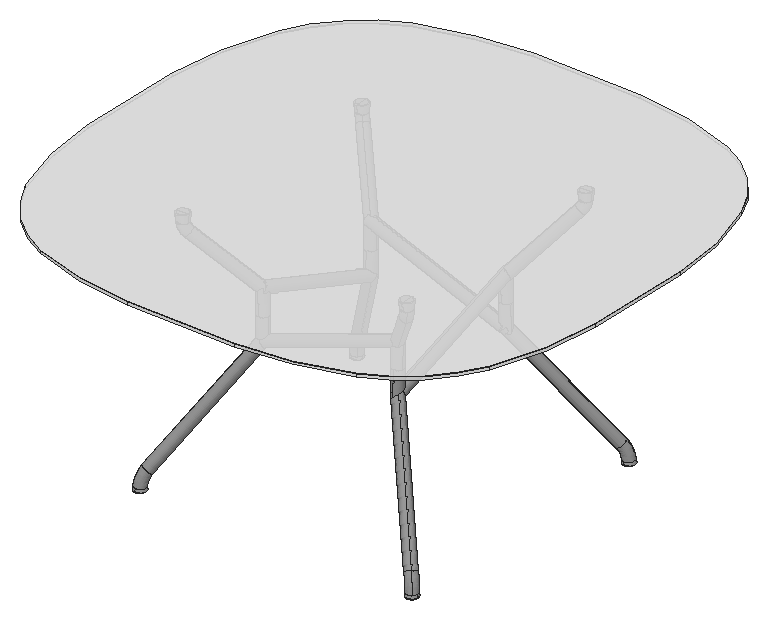
Revit family "Haworth_Cappellini_Branch_Table_Square_AP_PRELIMINARY", category Furniture, Revit 2019
Family settings
  OmniClass Number = 23.40.70.14.64.21
  OmniClass Title = Systems Furniture
  Work Plane-Based = No
  Always vertical = Yes
  Cut with Voids When Loaded = No
  Shared = No
  Room Calculation Point = No
Parameters (values of type "Square")
  Warranty = "http://www.haworth.com/resources/product-info/warranties"
  URL - Product = "https://www.haworth.com/ap/en/products/meeting-tables/branch.html"
  Top Finish [instance] = Haworth _ Glass _ Frosted
  Model = "BR_2XX"  # constant formula
  URL = "https://www.haworth.com/ap/en.html"
  Size = "Verify Final Dim. w/ Haworth"  # constant formula
  Revision Number = "1"  # constant formula
  Manufacturer = "Haworth"  # constant formula
  Description = "Haworth - Cappellini - Branch - Table - 1500w"  # constant formula
  Base Finish [instance] = Haworth _ Polymer _ Undecided
  Author = "Haworth (Hampton, Abd Rahman)"  # constant formula
  Assembly Code = "E2020200"
  Actual Width = 1500 mm  # constant formula
  Actual Height = 730 mm  # constant formula
  Table Thickness = 10 mm  # constant formula
  Actual Depth = 1500 mm  # constant formula
Reference planes
  plane 1 "Center F/B": y = -4.03
  plane 2 "Floor": z = 0
  plane 3 "Center L/R": x = 0
  plane 4 "Table Edge Left": x = -750
  plane 5 "Table Edge Right": x = 750
  plane 6 "Table Edge Front": y = -754.03
  plane 7 "Table Edge Back": y = 745.97
  plane 8 "Table Bottom": z = 730
  plane 9: z = 720
Forms (mm)
  Extrusion 1, solid, material "Haworth _ Glass _ Frosted" <- "Top Finish"
    sketch origin (0, 0, 0) x (1, 0, 0) y (0, 1, 0)
      loop
        arc (462.448, 676.631) -> (312.312, 722.099) -> (156.664, 741.64) r 928.36
        arc (156.664, 741.64) -> (0, 746.602) -> (-156.664, 741.64) r 2475.89
        arc (-156.664, 741.64) -> (-312.312, 722.099) -> (-462.448, 676.631) r 928.36
        arc (-462.448, 676.631) -> (-592.758, 588.366) -> (-680.73, 457.857) r 414.182
        arc (-680.73, 457.857) -> (-726.146, 307.963) -> (-745.738, 152.57) r 929.086
        arc (-745.738, 152.57) -> (-750.699, -4.208) -> (-745.723, -160.985) r 2475.902
        arc (-745.723, -160.985) -> (-726.209, -316.803) -> (-680.73, -467.107) r 929.032
        arc (-680.73, -467.107) -> (-592.536, -596.914) -> (-462.448, -684.691) r 415
        arc (-462.448, -684.691) -> (-312.312, -730.159) -> (-156.664, -749.7) r 928.36
        arc (-156.664, -749.7) -> (0, -754.661) -> (156.664, -749.7) r 2475.89
        arc (156.664, -749.7) -> (312.312, -730.159) -> (462.448, -684.691) r 928.36
        arc (462.448, -684.691) -> (592.536, -596.914) -> (680.73, -467.107) r 415
        arc (680.73, -467.107) -> (726.209, -316.803) -> (745.723, -160.985) r 929.032
        arc (745.723, -160.985) -> (750.699, -4.208) -> (745.738, 152.57) r 2475.902
        arc (745.738, 152.57) -> (726.146, 307.963) -> (680.73, 457.857) r 929.086
        arc (680.73, 457.857) -> (592.758, 588.366) -> (462.448, 676.631) r 414.182
    from 730 to 720
Lines and regions (mm)
  Masking region 1
    outline origin (0, 0, 0) x (1, 0, 0) y (0, 1, 0)
      loop
        arc (156.664, 741.64) -> (0, 746.602) -> (-156.664, 741.64) r 2475.89
        arc (-156.664, 741.64) -> (-312.312, 722.099) -> (-462.448, 676.631) r 928.36
        arc (-462.448, 676.631) -> (-592.667, 588.567) -> (-680.73, 458.347) r 414.517
        arc (-680.73, 458.347) -> (-726.291, 307.605) -> (-745.738, 151.333) r 929.008
        arc (-745.738, 151.333) -> (-750.621, -4.209) -> (-745.723, -159.75) r 2475.824
        arc (-745.723, -159.75) -> (-726.313, -316.196) -> (-680.73, -467.107) r 928.977
        arc (-680.73, -467.107) -> (-592.861, -596.822) -> (-463.148, -684.691) r 414.793
        arc (-463.148, -684.691) -> (-312.657, -730.165) -> (-156.664, -749.7) r 932.056
        arc (-156.664, -749.7) -> (0, -754.661) -> (156.664, -749.7) r 2475.89
        arc (156.664, -749.7) -> (312.312, -730.159) -> (462.448, -684.691) r 928.36
        arc (462.448, -684.691) -> (592.536, -596.914) -> (680.73, -467.107) r 415
        arc (680.73, -467.107) -> (726.209, -316.803) -> (745.723, -160.985) r 929.032
        arc (745.723, -160.985) -> (750.699, -4.208) -> (745.738, 152.57) r 2475.902
        arc (745.738, 152.57) -> (726.425, 309.646) -> (680.73, 461.165) r 928.941
        arc (680.73, 461.165) -> (592.47, 589.631) -> (463.148, 676.631) r 416.28
        arc (463.148, 676.631) -> (312.657, 722.106) -> (156.664, 741.64) r 932.056
Dimensions and locks
  "Actual Depth": plane 7 "Table Edge Back" to plane 6 "Table Edge Front"
  "Actual Width": plane 4 "Table Edge Left" to plane 5 "Table Edge Right"
  equal spacing: plane 4 "Table Edge Left", plane 3 "Center L/R", plane 5 "Table Edge Right"
  equal spacing: plane 7 "Table Edge Back", plane 1 "Center F/B", plane 6 "Table Edge Front"
  "Actual Height": plane 8 "Table Bottom" to level
  "Table Thickness": plane 8 "Table Bottom" to plane 9
  aligned and locked: plane 3 "Center L/R" to nested 1
  aligned and locked: plane 1 "Center F/B" to nested 1
  aligned and locked: plane 8 "Table Bottom" to Extrusion 1
  aligned and locked: Extrusion 1 to plane 9
Automatic sketch dimensions
  Extrusion 1 sketch curve to plane 3 "Center L/R" = 0 mm  (x2)
  Extrusion 1 sketch curve to plane 3 "Center L/R" = 119.259 mm  (x2)
  Extrusion 1 sketch curve to plane 7 "Table Edge Back" = 4.33 mm  (x2)
  Extrusion 1 sketch curve to plane 3 "Center L/R" = 156.664 mm  (x2)
  plane 6 "Table Edge Front" to Extrusion 1 sketch curve = 4.33 mm  (x2)
  Extrusion 1 sketch curve to Extrusion 1 sketch curve = 63.307 mm  (x4)
  Extrusion 1 sketch curve to Extrusion 1 sketch curve = 180.299 mm  (x4)
  Extrusion 1 sketch curve to plane 7 "Table Edge Back" = 69.339 mm  (x2)
  Extrusion 1 sketch curve to Extrusion 1 sketch curve = 305.784 mm  (x4)
  plane 6 "Table Edge Front" to Extrusion 1 sketch curve = 69.339 mm  (x2)
  plane 4 "Table Edge Left" to Extrusion 1 sketch curve = 69.27 mm  (x2)
  plane 4 "Table Edge Left" to Extrusion 1 sketch curve = 4.277 mm
  plane 4 "Table Edge Left" to Extrusion 1 sketch curve = 4.262 mm
  plane 1 "Center F/B" to Extrusion 1 sketch curve = 0.064 mm  (x2)
  Extrusion 1 sketch curve to plane 4 "Table Edge Left" = 975.203 mm
  plane 3 "Center L/R" to Extrusion 1 sketch curve = 119.259 mm  (x2)
  Extrusion 1 sketch curve to plane 5 "Table Edge Right" = 69.27 mm  (x2)
  Extrusion 1 sketch curve to plane 5 "Table Edge Right" = 4.277 mm
  Extrusion 1 sketch curve to plane 5 "Table Edge Right" = 4.262 mm
  plane 5 "Table Edge Right" to Extrusion 1 sketch curve = 975.203 mm
  Extrusion 1 sketch curve to plane 6 "Table Edge Front" = 975.258 mm
  Extrusion 1 sketch curve to Extrusion 1 sketch curve = 217.584 mm  (x2)
  plane 1 "Center F/B" to Extrusion 1 sketch curve = 156.955 mm  (x2)
  Extrusion 1 sketch curve to Extrusion 1 sketch curve = 63.445 mm  (x2)
  plane 7 "Table Edge Back" to Extrusion 1 sketch curve = 975.258 mm
  Masking region 1 sketch curve to plane 3 "Center L/R" = 0 mm  (x2)
  Masking region 1 sketch curve to plane 3 "Center L/R" = 119.259 mm  (x2)
  Masking region 1 sketch curve to plane 7 "Table Edge Back" = 4.33 mm  (x2)
  Masking region 1 sketch curve to plane 3 "Center L/R" = 156.664 mm  (x2)
  Masking region 1 sketch curve to plane 7 "Table Edge Back" = 69.339 mm  (x2)
  Masking region 1 sketch curve to Masking region 1 sketch curve = 305.784 mm  (x2)
  Masking region 1 sketch curve to plane 6 "Table Edge Front" = 975.258 mm
  plane 4 "Table Edge Left" to Masking region 1 sketch curve = 69.27 mm  (x2)
  Masking region 1 sketch curve to plane 3 "Center L/R" = 299.558 mm
  Masking region 1 sketch curve to plane 1 "Center F/B" = 299.49 mm
  plane 4 "Table Edge Left" to Masking region 1 sketch curve = 4.262 mm
  Masking region 1 sketch curve to plane 1 "Center F/B" = 119.191 mm
  plane 3 "Center L/R" to Masking region 1 sketch curve = 182.566 mm  (x2)
  plane 4 "Table Edge Left" to Masking region 1 sketch curve = 4.277 mm
  plane 1 "Center F/B" to Masking region 1 sketch curve = 0.064 mm  (x2)
  plane 5 "Table Edge Right" to Masking region 1 sketch curve = 975.203 mm
  plane 6 "Table Edge Front" to Masking region 1 sketch curve = 286.923 mm
  plane 6 "Table Edge Front" to Masking region 1 sketch curve = 69.339 mm  (x2)
  plane 4 "Table Edge Left" to Masking region 1 sketch curve = 286.852 mm
  Masking region 1 sketch curve to Masking region 1 sketch curve = 180.299 mm  (x2)
  plane 6 "Table Edge Front" to Masking region 1 sketch curve = 4.33 mm  (x2)
  plane 7 "Table Edge Back" to Masking region 1 sketch curve = 975.258 mm
  Masking region 1 sketch curve to Masking region 1 sketch curve = 63.307 mm  (x4)
  Masking region 1 sketch curve to Masking region 1 sketch curve = 116.992 mm
  Masking region 1 sketch curve to plane 5 "Table Edge Right" = 69.27 mm  (x2)
  Masking region 1 sketch curve to Masking region 1 sketch curve = 217.584 mm
  Masking region 1 sketch curve to plane 5 "Table Edge Right" = 4.277 mm
  plane 1 "Center F/B" to Masking region 1 sketch curve = 156.955 mm
  Masking region 1 sketch curve to plane 4 "Table Edge Left" = 975.203 mm
  Masking region 1 sketch curve to plane 5 "Table Edge Right" = 4.262 mm
  Masking region 1 sketch curve to Masking region 1 sketch curve = 63.445 mm
  Masking region 1 sketch curve to plane 5 "Table Edge Right" = 286.852 mm
Nested families
  nested 1: "Haworth_Branch-Table-Leg4-Part" at (0, 0, 0), type "Base"
Definition of nested family "Haworth_Branch-Table-Leg4-Part"
  Parameters
    Warranty = "http://haworthcollection.com/hc/about-us/certifications-warranties"
    Sustainability Info = "www.haworth.com/en-us/About-Us/Sustainability/Pages/Vision.aspx"
    Support Location Offset = 197.941 mm  # constant formula
    Support Finish = none
    Product Page URL = "http://haworthcollection.com/hc/products/tables-conference/branch"
    Model = "Haworth_Branch-Table-Leg4-Part"  # constant formula
    URL = "http://haworthcollection.com/"
    Support Height = 723.9 mm  # constant formula
    Size = "Verify Final Dim. w/ Haworth"  # constant formula
    Revision Number = "1"  # constant formula
    Manufacturer = "Haworth"  # constant formula
    Description = "Haworth_Branch-Table-Leg4-Part"
    Author = "Haworth (Hampton)"  # constant formula
    Assembly Code = "E2020200"
    Actual Width = 1600.2 mm  # constant formula
    Actual Height = 730.25 mm  # constant formula
    Actual Depth = Actual Width  # 1600.2 mm
  Reference planes
    plane 1 "Center F/B": y = -4.03
    plane 2 "Floor": z = 0
    plane 3 "Center L/R": x = 0
    plane 4 "Table Edge Left": x = -800.1
    plane 5 "Table Edge Right": x = 800.1
    plane 6 "Table Edge Back": y = -803.121
    plane 7 "Table Edge Front": y = 797.079
    plane 8 "Table Bottom": z = 730.25
    plane 9 "Diagonal LR": through (0, -4.03, 1219.2) normal (-0.7071, 0.7071, 0)
    plane 10 "Diagonal RL": through (0, -4.03, 1219.2) normal (-0.7071, -0.7071, 0)
    plane 11 "Support Back": y = 193.911
    plane 12 "Support Front": y = -201.971
    plane 13 "Support Left": x = -197.941
    plane 14 "Support Right": x = 197.941
  Dimensions and locks
    "Actual Depth": plane 7 "Table Edge Front" to plane 6 "Table Edge Back"
    "Actual Width": plane 4 "Table Edge Left" to plane 5 "Table Edge Right"
    equal spacing: plane 4 "Table Edge Left", plane 3 "Center L/R", plane 5 "Table Edge Right"
    plane 7 "Table Edge Front" to plane 1 "Center F/B" to plane 6 "Table Edge Back" = 801.109 mm, 799.091 mm
    "Actual Height": plane 8 "Table Bottom" to level
    "Support Location Offset": plane 13 "Support Left" to plane 3 "Center L/R"
    "Support Location Offset": plane 3 "Center L/R" to plane 14 "Support Right"
    "Support Location Offset": plane 11 "Support Back" to plane 1 "Center F/B"
    "Support Location Offset": plane 12 "Support Front" to plane 1 "Center F/B"
    aligned and locked: nested 1 to plane 14 "Support Right"
    aligned and locked: nested 2 to plane 12 "Support Front"
    aligned and locked: nested 2 to plane 14 "Support Right"
    aligned and locked: plane 14 "Support Right" to nested 3
    aligned and locked: plane 11 "Support Back" to nested 3
    aligned and locked: nested 4 to plane 13 "Support Left"
    aligned and locked: plane 12 "Support Front" to nested 4
  Nested families
    nested 1: "Haworth_Branch-Table-Leg-Part" at (-197.925, -197.941, 0), type "Haworth_Branch-Table-Leg-Part"
    nested 2: "Haworth_Branch-Table-Leg-Part" at (193.911, -201.971, 0) x (0, 1, 0) z (0, 0, 1), type "Haworth_Branch-Table-Leg-Part"
    nested 3: "Haworth_Branch-Table-Leg-Part" at (197.941, 189.882, 0) x (-1, 0, 0) z (0, 0, 1), type "Haworth_Branch-Table-Leg-Part"
    nested 4: "Haworth_Branch-Table-Leg-Part" at (-193.911, 193.895, 0) x (0, -1, 0) z (0, 0, 1), type "Haworth_Branch-Table-Leg-Part"
  Definition of nested family "Haworth_Branch-Table-Leg-Part"
    Parameters
      Warranty = "http://haworthcollection.com/hc/about-us/certifications-warranties"
      Support Location_Front_Back = 70.644 mm  # constant formula
      Support Location Offset = 146.05 mm  # constant formula
      Support Finish = none
      Model = "Haworth_Branch-Table-Leg-Part"  # constant formula
      URL = "http://haworthcollection.com/"
      Support Height = 443.508 mm  # constant formula
      Size = "Verify Final Dim. w/ Haworth"  # constant formula
      Revision Number = "1"  # constant formula
      Standard Height = "29 in."  # constant formula
      Manufacturer = "Haworth"  # constant formula
      Description = "Haworth_Branch-Table-Leg-Part"
      Author = "Haworth (Hampton)"  # constant formula
      Assembly Code = "E2020200"
      Actual Width = 726.678 mm  # constant formula
      Actual Height = 723.999 mm  # constant formula
      Actual Depth = 201.414 mm  # constant formula
    Reference planes
      plane 1 "Center F/B": y = -4.03
      plane 2 "Floor": z = 0
      plane 3 "Support Left Middle": x = 0
      plane 4 "Left Bottom": y = -205.444
      plane 5 "Right Bottom": y = -134.8
      plane 6 "Support Right Middle": x = 395.866
      plane 7 "Table Top Bottom": z = 723.999
      plane 8 "Support Middle Attach": z = 443.508
      plane 9 "Support Left Bottom": x = -200.21
      plane 10 "Support Right Top": x = 526.468
      plane 11 "Bottom Angel": through (0, -4.03, 1219.2) normal (0.7092, -0.705, 0)
      plane 12 "Top Angel": through (395.866, -4.03, 1219.2) normal (0.7076, 0.7067, 0)
      plane 13 "Support Left Middle Bottom": z = 365.998
      plane 14 "Support Right Middle Top": z = 520.062
    Forms (mm)
      Revolve 1, solid, material <- "Support Finish"
        sketch origin (-200.21, 0, 0) x (0, 1, 0) y (0, 0, 1)
          loop
            line (-205.444, 0) -> (-205.444, 10) -> (-218.111, 10) -> (-219.214, 9.228) -> (-222.703, 0.592) -> (-222.11, 0) -> (-205.444, 0)
          axis (-205.444, 10) -> (-205.444, 0)
        angle from 0 to 360
      Revolve 2, solid, material <- "Support Finish"
        sketch origin (526.468, 0, 0) x (0, 1, 0) y (0, 0, 1)
          loop
            line (-134.8, 723.999) -> (-151.474, 723.999) -> (-152.937, 722.536) -> (-151.013, 700.546) -> (-150.582, 699.8) -> (-134.8, 699.8) -> (-134.8, 723.999)
          axis (-134.8, 723.999) -> (-134.8, 699.8)
        angle from 0 to 360
      Sweep 3, solid, material <- "Support Finish"
        path origin (2.015, -2.003, 0) x (0.704983, 0.709224, 0) y (0, 0, 1)
          loop
            line (0.572, 379.12) -> (-269.132, 53.782)
            arc (-269.132, 53.782) -> (-281.384, 33.265) -> (-286.848, 10) r 77.977
        profile origin (-92.65, -97.238, 216.451) x (0.542739, 0.546004, -0.638212) y (0.709224, -0.704983, 0)
          loop
            circle (0, 0) r 15.875
      Sweep 4, solid, material <- "Support Finish"
        path origin (196.17, 195.92, 0) x (-0.706657, 0.707556, 0) y (0, 0, 1)
          loop
            line (-282.118, 512.195) -> (-455.18, 673.578)
            arc (-455.18, 673.578) -> (-463.788, 685.5) -> (-467.218, 699.8) r 37.95
        profile origin (456.678, -64.92, 592.886) x (0.481939, -0.482552, -0.731354) y (0.707556, 0.706657, 0)
          loop
            circle (0, 0) r 15.875
      Sweep 5, solid, material <- "Support Finish"
        path origin (0, -4.03, 0) x (1, 0, 0) y (0, 0, 1)
          loop
            line (3.024, 374.596) -> (403.644, 517.814)
        profile origin (203.334, -4.03, 446.205) x (-0.336626, 0, 0.941638) y (0, -1, 0)
          loop
            circle (0, 0) r 15.875
      Blend 6, solid, material <- "Support Finish"
        base sketch origin (0, 0, 365.998) x (-1, 0, 0) y (0, -1, 0)
          loop
            spline (19.05, 4.03) -> (18.401, 7.317) -> (16.498, 10.38) -> (13.47, 13.01) -> (9.525, 15.028) -> (4.931, 16.297) -> (0, 16.73) -> (-4.931, 16.297) -> (-9.525, 15.028) -> (-13.47, 13.01) -> (-16.498, 10.38) -> (-18.401, 7.317) -> (-19.05, 4.03)
            spline (-19.05, 4.03) -> (-18.401, 0.743) -> (-16.498, -2.32) -> (-13.47, -4.95) -> (-9.525, -6.969) -> (-4.931, -8.237) -> (0, -8.67) -> (4.931, -8.237) -> (9.525, -6.969) -> (13.47, -4.95) -> (16.498, -2.32) -> (18.401, 0.743) -> (19.05, 4.03)
        top sketch origin (0, 0, 365.998) x (-1, 0, 0) y (0, -1, 0)
          loop
            circle (0, 4.03) r 15.875
        from 0 to 77.51
      Blend 7, solid, material <- "Support Finish"
        base sketch origin (0, 0, 0) x (1, 0, 0) y (0, 1, 0)
          loop
            circle (395.866, -4.03) r 15.875
        top sketch origin (0, 0, 0) x (1, 0, 0) y (0, 1, 0)
          loop
            spline (414.916, -4.03) -> (414.267, -0.743) -> (412.364, 2.32) -> (409.336, 4.95) -> (405.391, 6.969) -> (400.796, 8.237) -> (395.866, 8.67) -> (390.935, 8.237) -> (386.341, 6.969) -> (382.396, 4.95) -> (379.368, 2.32) -> (377.465, -0.743) -> (376.816, -4.03)
            spline (376.816, -4.03) -> (377.465, -7.317) -> (379.368, -10.38) -> (382.396, -13.01) -> (386.341, -15.028) -> (390.935, -16.297) -> (395.866, -16.73) -> (400.796, -16.297) -> (405.391, -15.028) -> (409.336, -13.01) -> (412.364, -10.38) -> (414.267, -7.317) -> (414.916, -4.03)
        from 443.508 to 520.062
    Cuts and joins
      joined: Sweep 3, Sweep 4, Sweep 5, Blend 6, Blend 7
    Lines and regions (mm)
      symbolic lines, detail levels medium+fine
        curve 1: spline (-211.366, -216.668, 365.998) -> (-213.9, -213.389, 365.998) -> (-215.501, -209.568, 365.998) -> (-216.059, -205.466, 365.998) -> (-215.538, -201.363, 365.998) -> (-213.971, -197.537, 365.998) -> (-211.467, -194.25, 365.998) -> (-208.195, -191.726, 365.998) -> (-204.379, -190.137, 365.998) -> (-200.279, -189.591, 365.998) -> (-196.174, -190.125, 365.998) -> (-192.343, -191.702, 365.998) -> (-189.049, -194.216, 365.998)
        curve 2: spline (-189.049, -194.216, 365.998) -> (-186.515, -197.495, 365.998) -> (-184.915, -201.316, 365.998) -> (-184.356, -205.418, 365.998) -> (-184.878, -209.521, 365.998) -> (-186.444, -213.347, 365.998) -> (-188.949, -216.634, 365.998) -> (-192.221, -219.158, 365.998) -> (-196.037, -220.747, 365.998) -> (-200.137, -221.294, 365.998) -> (-204.242, -220.76, 365.998) -> (-208.072, -219.182, 365.998) -> (-211.366, -216.668, 365.998)
        curve 3: arc (15.875, -4.03, 365.998) -> (0, 11.845, 365.998) -> (-15.875, -4.03, 365.998) r 15.875
        curve 4: arc (-15.875, -4.03, 365.998) -> (0, -19.905, 365.998) -> (15.875, -4.03, 365.998) r 15.875
        curve 5: arc (379.991, -4.03, 365.998) -> (395.866, 11.845, 365.998) -> (411.741, -4.03, 365.998) r 15.875
        curve 6: arc (411.741, -4.03, 365.998) -> (395.866, -19.905, 365.998) -> (379.991, -4.03, 365.998) r 15.875
        curve 7: arc (526.468, -151.474, 365.998) -> (509.795, -134.8, 365.998) -> (526.468, -118.127, 365.998) r 16.673
        curve 8: arc (526.468, -118.127, 365.998) -> (543.142, -134.8, 365.998) -> (526.468, -151.474, 365.998) r 16.673
        curve 9: line (515.033, -146.935, 365.998) -> (384.48, -15.092, 365.998)
        curve 10: line (408.044, 6.154, 365.998) -> (538.921, -123.712, 365.998)
        curve 11: line (395.866, 11.845, 365.998) -> (0, 11.845, 365.998)
        curve 12: line (0, -19.905, 365.998) -> (395.866, -19.905, 365.998)
        curve 13: line (11.467, -15.008, 365.998) -> (-189.688, -217.262, 365.998)
        curve 14: line (-211.465, -194.249, 365.998) -> (-10.475, 7.899, 365.998)
    Dimensions and locks
      "Actual Depth": plane 1 "Center F/B" to plane 4 "Left Bottom"
      "Support Location_Front_Back": plane 5 "Right Bottom" to plane 4 "Left Bottom"
      "Support Height": plane 8 "Support Middle Attach" to level
      "Actual Height": plane 7 "Table Top Bottom" to level
      "Actual Width": plane 10 "Support Right Top" to plane 9 "Support Left Bottom"
      Blend 7 sketch curve to Blend 7 sketch curve = 19.05 mm
      radius of Blend 6 sketch curve = 15.875 mm
      aligned and locked: Revolve 1 sketch curve to plane 4 "Left Bottom"
      aligned and locked: Revolve 2 sketch curve to plane 5 "Right Bottom"
      aligned and locked: plane 8 "Support Middle Attach" to Blend 6
      aligned and locked: Blend 6 to plane 13 "Support Left Middle Bottom"
      aligned and locked: Blend 7 to plane 14 "Support Right Middle Top"
      aligned and locked: Blend 7 to plane 8 "Support Middle Attach"
    Automatic sketch dimensions
      Revolve 1 sketch curve to level = 0 mm
      Revolve 1 sketch curve to plane 4 "Left Bottom" = 0 mm
      Revolve 1 sketch curve to Revolve 1 sketch curve = 12.667 mm
      Revolve 1 sketch curve to Revolve 1 sketch curve = 1.102 mm
      Revolve 1 sketch curve to Revolve 1 sketch curve = 2.896 mm
      level to Revolve 1 sketch curve = 0.592 mm
      Revolve 1 sketch curve to Revolve 1 sketch curve = 0.592 mm
      Revolve 1 sketch curve to level = 304.8 mm
      level to Revolve 1 sketch curve = 9.228 mm
      Revolve 1 sketch curve to Revolve 1 sketch curve = 10 mm
      plane 7 "Table Top Bottom" to Revolve 1 sketch curve = 1714.401 mm
      Revolve 2 sketch curve to plane 5 "Right Bottom" = 0 mm
      Revolve 2 sketch curve to plane 7 "Table Top Bottom" = 0 mm
      Revolve 2 sketch curve to Revolve 2 sketch curve = 15.782 mm
      Revolve 2 sketch curve to Revolve 2 sketch curve = 0.431 mm
      Revolve 2 sketch curve to Revolve 2 sketch curve = 16.673 mm
      Revolve 2 sketch curve to plane 7 "Table Top Bottom" = 1.463 mm
      Revolve 2 sketch curve to Revolve 2 sketch curve = 1.463 mm
      Revolve 2 sketch curve to Revolve 2 sketch curve = 21.991 mm
      Revolve 2 sketch curve to Revolve 2 sketch curve = 0.746 mm
      Revolve 2 sketch curve to level = 304.8 mm
      Revolve 2 sketch curve to Revolve 2 sketch curve = 1714.401 mm
      level to Sweep 3 sketch curve = 10 mm
      Sweep 3 sketch curve to Sweep 3 sketch curve = 17.716 mm
      level to Sweep 3 sketch curve = 53.782 mm
      level to Sweep 3 sketch curve = 4.016 mm
      Sweep 3 sketch curve to plane 8 "Support Middle Attach" = 64.388 mm
      Sweep 3 sketch curve to Sweep 3 sketch curve = 269.704 mm
      Sweep 3 sketch curve to plane 11 "Bottom Angel" = 0 mm
      Sweep 3 sketch curve to profile plane = 0 mm
      Sweep 4 sketch curve to plane 7 "Table Top Bottom" = 24.2 mm
      Sweep 4 sketch curve to Sweep 4 sketch curve = 12.037 mm
      Sweep 4 sketch curve to plane 7 "Table Top Bottom" = 50.421 mm
      Sweep 4 sketch curve to Sweep 4 sketch curve = 25.882 mm
      plane 8 "Support Middle Attach" to Sweep 4 sketch curve = 68.687 mm
      Sweep 4 sketch curve to Sweep 4 sketch curve = 173.062 mm
      Sweep 4 sketch curve to plane 12 "Top Angel" = 0 mm
      Sweep 4 sketch curve to profile plane = 0 mm
      plane 1 "Center F/B" to Sweep 5 sketch curve = 0 mm
      Sweep 5 sketch curve to profile plane = 0 mm
      plane 3 "Support Left Middle" to Sweep 5 sketch curve = 3.024 mm
      plane 6 "Support Right Middle" to Sweep 5 sketch curve = 7.778 mm
      Sweep 5 sketch curve to plane 8 "Support Middle Attach" = 68.911 mm
      plane 8 "Support Middle Attach" to Sweep 5 sketch curve = 74.306 mm
      plane 1 "Center F/B" to Blend 6 sketch curve = 0 mm  (x2)
      Blend 6 sketch curve to plane 3 "Support Left Middle" = 0 mm  (x2)
      Blend 6 sketch curve to Blend 6 sketch curve = 19.05 mm
      plane 1 "Center F/B" to Blend 7 sketch curve = 0 mm  (x2)
      Blend 7 sketch curve to plane 6 "Support Right Middle" = 0 mm  (x2)
      curve 7 to plane 5 "Right Bottom" = 0 mm
      curve 7 to plane 10 "Support Right Top" = 0 mm
      plane 1 "Center F/B" to curve 6 = 0 mm
      curve 12 to plane 6 "Support Right Middle" = 0 mm
      curve 6 to plane 6 "Support Right Middle" = 0 mm
      curve 11 to plane 6 "Support Right Middle" = 0 mm
      curve 11 to plane 3 "Support Left Middle" = 0 mm
      curve 12 to plane 3 "Support Left Middle" = 0 mm
      curve 3 to plane 3 "Support Left Middle" = 0 mm
      plane 11 "Bottom Angel" to curve 1 = 0 mm
      plane 10 "Support Right Top" to curve 10 = 12.452 mm
      curve 9 to plane 10 "Support Right Top" = 11.435 mm
      curve 10 to plane 1 "Center F/B" = 10.183 mm
      plane 1 "Center F/B" to curve 9 = 11.062 mm
      plane 1 "Center F/B" to curve 13 = 10.978 mm
      curve 14 to plane 3 "Support Left Middle" = 10.475 mm
      plane 9 "Support Left Bottom" to curve 1 = 11.161 mm
      plane 9 "Support Left Bottom" to curve 13 = 10.522 mm
      plane 9 "Support Left Bottom" to curve 2 = 0.002 mm
      curve 14 to plane 9 "Support Left Bottom" = 11.256 mm
      curve 14 to curve 1 = 0.001 mm
      curve 2 to curve 1 = 0 mm
      curve 11 to curve 14 = 3.946 mm
      plane 5 "Right Bottom" to curve 8 = 16.673 mm
      curve 13 to plane 4 "Left Bottom" = 11.818 mm
      radius of Sweep 3 sketch curve = 15.875 mm
      radius of Sweep 4 sketch curve = 15.875 mm
      radius of Sweep 5 sketch curve = 15.875 mm
      radius of Blend 7 sketch curve = 15.875 mm
